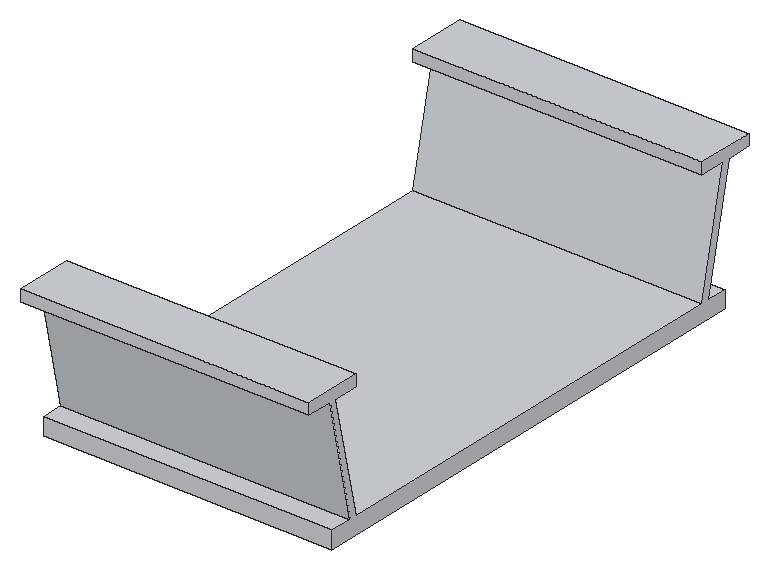
Revit family "SteelBeamSegmentDB", category Structural Framing, Revit 2020
Family settings
  Section Shape = User Defined
  Material for Model Behavior = Steel
  Always export as geometry = No
  OmniClass Number = 23.25.30.11.14.14
  OmniClass Title = Beams
  Always vertical = Yes
  Cut with Voids When Loaded = No
  Symbolic Representation = From Family
  Shared = Yes
  Show family pre-cut in plan views = Yes
Parameters
  Width = 0 mm
  Weight [instance] = 0
  Structural Material [instance] = Steel, S 275
  Sofistik Section = "$prog aqua\r\nHEAD Testversion\r\n$prog aqua\r\nHEAD Section SteelBeamDB\r\n$ Revit defined Cross Section\r\nSECT 1 BTYP CENT TITL 'DB_Profile' MNO 1\r\n$ Polygonal Shape\r\nPOLY TYPE OPZ\r\nVERT NO Y                                                       Z\r\nVERT 1  0                                                       =#Parapet_Thickness+#Beam_Height\r\nVERT 2  =#Lane_Width                                            =#Parapet_Thickness+#Beam_Height\r\nVERT 3  =#Lane_Width+#Parapet_Width/2-#Beam_Thickness/2         =#Parapet_Thickness\r\nVERT 4  =#Lane_Width                                            =#Parapet_Thickness\r\nVERT 5  =#Lane_Width                                            0\r\nVERT 6  =#Lane_Width+#Parapet_Width                             0\r\nVERT 7  =#Lane_Width+#Parapet_Width                             =#Parapet_Thickness\r\nVERT 8  =#Lane_Width+#Parapet_Width/2+#Beam_Thickness/2         =#Parapet_Thickness\r\nVERT 9  =#Lane_Width+#Beam_Thickness                            =#Parapet_Thickness+#Beam_Height\r\nVERT 10 =#Lane_Width+#Beam_Thickness+#Parapet_Width/2           =#Parapet_Thickness+#Beam_Height\r\nVERT 11 =#Lane_Width+#Beam_Thickness+#Parapet_Width/2           =#Parapet_Thickness+#Beam_Height+#Slab_Thickness\r\nVERT 12 0                                                       =#Parapet_Thickness+#Beam_Height+#Slab_Thickness"  # constant formula
  Slab_Thickness [instance] = 120 mm
  Parapet_Thickness [instance] = 80 mm
  Parapet_Width [instance] = 400 mm
  Max_Stress [instance] = 0
  Max_Displacement [instance] = 0
  Length [instance] = 3000 mm
  Lane_Width [instance] = 1500 mm
  Height = 0 mm
  Beam_Thickness [instance] = 50 mm
  Beam_Height [instance] = 800 mm
  Analysis_Report [instance] = ""
Reference planes
  plane 1 "Center (Front/Back)": y = 0
  plane 2 "Center Elevation": z = 0
  plane 3 "Center (Left/Right)": x = 0
  plane 4 "Left": x = -1500
  plane 5 "Member Left": x = -1250
  plane 6 "Stick Symbol Left": x = -1000
  plane 7 "Right": x = 1500
  plane 8 "Member Right": x = 1250
  plane 9 "Stick Symbol Right": x = 1000
Forms (mm)
  Sweep 1, solid
    path in 3D
      loop
        line (-1000, 0, 0) -> (1000, 0, 0)
    profile "SteelProfileDB : SteelProfileDB" origin (0, 0, 0) x (0, 1, 0) y (0, 0, 1)
      loop
        line (1678.646, -30) -> (1500, -830) -> (-1500, -830) -> (-1675, -30) -> (-1500, -30) -> (-1500, 50) -> (-1900, 50) -> (-1900, -30) -> (-1725, -30) -> (-1550, -830) -> (-1700, -830) -> (-1700, -950) -> (1700, -950) -> (1700, -830) -> (1550, -830) -> (1728.646, -30) -> (1900, -30) -> (1900, 50) -> (1500, 50) -> (1500, -30) -> (1678.646, -30)
Lines and regions (mm)
  model lines, style "Stick Symbols", detail levels coarse
    curve 1: line (-1000, 0, 0) -> (1000, 0, 0)
  sketch lines
    curve 2: line (-1000, 0, 0) -> (1000, 0, 0)
Dimensions and locks
  equal spacing: plane 4 "Left", plane 3 "Center (Left/Right)", plane 7 "Right"
  "Length": plane 4 "Left" to plane 7 "Right"
  aligned and locked: plane 1 "Center (Front/Back)" to curve 1
  aligned and locked: plane 6 "Stick Symbol Left" to curve 1
  aligned and locked: plane 9 "Stick Symbol Right" to curve 1
  aligned and locked: level to plane 2 "Center Elevation"
